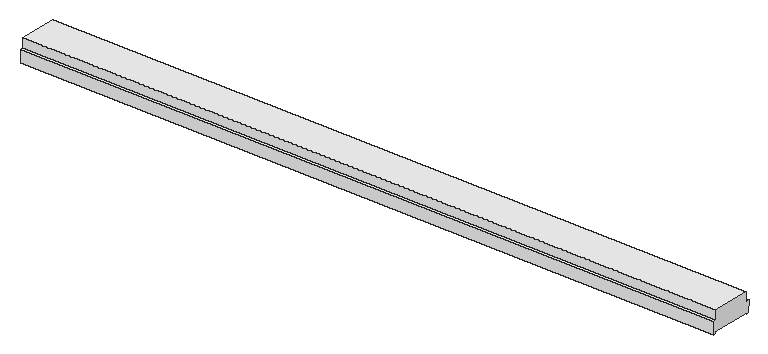
Revit family "Zumtobel RESCLITE PRO TRINOS", category Lighting Fixtures, Revit 2016
Family settings
  Part Type = Normal
  Round Connector Dimension = Use Diameter
  OmniClass Number = 23.80.70.11
  OmniClass Title = Luminaries for Internal Lighting
  Work Plane-Based = No
  Always vertical = Yes
  Cut with Voids When Loaded = No
  Light Source = Yes
  Shared = No
  Room Calculation Point = No
Parameters (values of type "RESCLITE PRO TRINOS SPOT")
  Width = 85 mm  # constant formula
  Wattage = 1.12426 W
  Voltage = 230  # constant formula
  URL = "http://www.zumtobel.com/42186071"
  built-in parameter 1150110 = 1 (stored number, unit not read)
  Type Comments = "© Zumtobel. We reserve the right to make technical changes without prior notice."  # constant formula
  Height = 62 mm  # constant formula
  Emit from Rectangle Width = Length  # 1000 mm
  Emit from Rectangle Length = Width  # 85 mm
  Emit Shape Visible in Rendering = no
  Body [instance] = Zumtobel_Metal_White
  Apparent Load = 4.7 VA
  Model = "42186071"
  built-in parameter 1114217 = 1 (stored number, unit not read)
  Tilt Angle = 90.00°
  built-in parameter 1150109 = 1 (stored number, unit not read)
  built-in parameter 1150134 = 12
  Suspension Height [instance] = 500 mm
  built-in parameter 1150113 = 1 (stored number, unit not read)
  Length = 1000 mm  # constant formula
  Lamp = "LED"  # constant formula
  Wattage Comments = ""
  Manufacturer = "Zumtobel Ligthing"  # constant formula
  Photometric Web File = "42186071_(STD_LEO).IES"
  built-in parameter 1150105 = 230.21 (stored number, unit not read)
  Lumens = 167 lm
  built-in parameter 1150115 = 1 (stored number, unit not read)
  built-in parameter 1150137 = (empty or 0)
  built-in parameter 1150139 = (empty or 0)
  built-in parameter 1150112 = 1 (stored number, unit not read)
  built-in parameter 1150114 = 1 (stored number, unit not read)
  built-in parameter 1150132 = 2
  Description = "Safety luminaire"  # constant formula
  Assembly Code = "D5020200"
  built-in parameter 1150102 = (empty or 0)
  built-in parameter 1150107 = 4000 (stored number, unit not read)
  built-in parameter 1150138 = (empty or 0)
  built-in parameter 1150106 = 2.3021 (stored number, unit not read)
  built-in parameter 1150104 = 13.8 (stored number, unit not read)
  Dimming Lamp Color Temperature Shift = <None>
  Color Filter = 16777215
  built-in parameter 1114218 = 1 (stored number, unit not read)
  built-in parameter 1150133 = 10 (stored number, unit not read)
Types (3, lengths in mm): name | Wattage | URL | Apparent Load | Model | Photometric Web File | built-in parameter 1150105 | Lumens | built-in parameter 1150106
  RESCLITE PRO TRINOS ANT E3D WH | 1.03001 W | "http://www.zumtobel.com/42186056" | 4.7 VA | "42186056" | "42186056_(STD_LEO).IES" | 12.175 (stored number, unit not read) | 153 lm | 0.12175 (stored number, unit not read)
  RESCLITE PRO TRINOS ESC HC | 1.8244 W | "http://www.zumtobel.com/42186066" | 7.1 VA | "42186066" | "42186066_(STD_LEO).IES" | 21.565 (stored number, unit not read) | 271 lm | 0.21565 (stored number, unit not read)
  RESCLITE PRO TRINOS SPOT | 1.12426 W | "http://www.zumtobel.com/42186071" | 4.7 VA | "42186071" | "42186071_(STD_LEO).IES" | 230.21 (stored number, unit not read) | 167 lm | 2.3021 (stored number, unit not read)
Reference planes
  plane 1 "Light Source Axis (F/B)": y = -218.644
  plane 2: z = 0
  plane 3 "Light Source Axis (L/R)": x = -74.924
  plane 4 "Light Source Elevation": z = -500
  plane 5 "Bottom": z = 0
  plane 6 "Left": x = -574.924
  plane 7 "Right": x = 425.076
  plane 8: z = -500
Forms (mm)
  Extrusion 1, solid, material "Zumtobel_Metal_White" <- "Body"
    sketch origin (-74.924, 0, 0) x (0, 1, 0) y (0, 0, 1)
      loop
        line (-192.394, -467.818) -> (-244.894, -467.818) -> (-244.894, -481.2) -> (-250.144, -481.2) -> (-250.144, -498) -> (-248.044, -498) -> (-246.994, -495.9) -> (-190.294, -495.9) -> (-189.244, -498) -> (-187.144, -498) -> (-187.144, -481.2) -> (-192.394, -481.2) -> (-192.394, -467.818)
    from -500 to 500
  Revolve 2, void
    sketch origin (660.573, -218.644, -490.276) x (1, 0, 0) y (0, 0, -1)
      loop
        line (-751.709, 5.624) -> (-749.5, 4.473) -> (-735.5, 4.473) -> (-735.5, 5.624) -> (-751.709, 5.624)
      axis (-735.5, 5.624) -> (-735.5, 4.473)
    angle from 0 to 360
  Revolve 3, solid, material "Zumtobel_Metal_White" <- "Body"
    sketch origin (660.573, -218.644, 64.341) x (1, 0, 0) y (0, 0, 1)
      loop
        line (-751.709, -560.241) -> (-760.5, -560.241) -> (-753.629, -561.241) -> (-751.709, -560.241)
      axis (-735.5, -561.241) -> (-735.5, -560.241)
    angle from 0 to 360
  Revolve 4, solid, material "Zumtobel_Lamp_Self_llumination_Transparent"
    sketch origin (-69.927, 516.856, -446.9) x (0, 1, 0) y (0, 0, -1)
      loop
        line (-742.709, 47.85) -> (-735.5, 47.85) -> (-735.5, 49.382)
        arc (-735.5, 49.382) -> (-739.207, 49.099) -> (-742.709, 47.85) r 13.984
      axis (-735.5, 49.382) -> (-735.5, 47.85)
    angle from 0 to 360
  Revolve 5, solid, material "Zumtobel_Lamp_Self_llumination_Transparent"
    sketch origin (-79.927, 516.856, -446.9) x (0, 1, 0) y (0, 0, 1)
      loop
        arc (-742.709, -47.85) -> (-739.207, -49.099) -> (-735.5, -49.382) r 13.984
        line (-735.5, -49.382) -> (-735.5, -47.85) -> (-742.709, -47.85)
      axis (-735.5, -49.382) -> (-735.5, -47.85)
    angle from 0 to 360
Cuts and joins
  Revolve 2 cuts Extrusion 1
  joined: Extrusion 1, Revolve 3
Dimensions and locks
  equal spacing: plane 7 "Right", plane 3 "Light Source Axis (L/R)", plane 6 "Left"
  "Length": plane 7 "Right" to plane 6 "Left"
  "Suspension Height": plane 5 "Bottom" to plane 8
  aligned: plane 3 "Light Source Axis (L/R)" to imposter light
  aligned: plane 1 "Light Source Axis (F/B)" to imposter light
  aligned and locked: plane 4 "Light Source Elevation" to imposter light
  aligned and locked: plane 5 "Bottom" to level
  aligned and locked: Extrusion 1 to plane 6 "Left"
  aligned and locked: plane 7 "Right" to Extrusion 1
  aligned and locked: plane 4 "Light Source Elevation" to plane 8
Automatic sketch dimensions
  Revolve 2 sketch curve to plane 4 "Light Source Elevation" = 4.1 mm
  plane 6 "Left" to Revolve 2 sketch curve = 483.787 mm
  Revolve 2 sketch curve to Revolve 2 sketch curve = 2.209 mm
  Revolve 2 sketch curve to Revolve 2 sketch curve = 14 mm
  Revolve 2 sketch curve to Revolve 2 sketch curve = 1.15 mm
  Revolve 2 sketch curve to Revolve 2 sketch curve = 0 mm
  Revolve 2 sketch curve to Revolve 2 sketch curve = 1.951 mm
  Revolve 2 sketch curve to Revolve 2 sketch curve = 4.559 mm
  plane 1 "Light Source Axis (F/B)" to Revolve 4 sketch curve = 7.209 mm
  Revolve 4 sketch curve to Revolve 4 sketch curve = 6.409 mm
  Revolve 4 sketch curve to Revolve 4 sketch curve = 7.209 mm
  Revolve 4 sketch curve to plane 4 "Light Source Elevation" = 17.68 mm
  Revolve 4 sketch curve to Revolve 4 sketch curve = 12.429 mm
  Revolve 4 sketch curve to Revolve 4 sketch curve = 0 mm
  Revolve 4 sketch curve to Revolve 4 sketch curve = 0.598 mm
  Revolve 4 sketch curve to Revolve 4 sketch curve = 1.13 mm
  plane 1 "Light Source Axis (F/B)" to Revolve 5 sketch curve = 7.209 mm
  Revolve 5 sketch curve to Revolve 5 sketch curve = 6.409 mm
  Revolve 5 sketch curve to Revolve 5 sketch curve = 7.209 mm
  Revolve 5 sketch curve to plane 4 "Light Source Elevation" = 3.718 mm
  Revolve 5 sketch curve to Revolve 5 sketch curve = 1.532 mm
  Revolve 5 sketch curve to Revolve 5 sketch curve = 0 mm
  Revolve 5 sketch curve to Revolve 5 sketch curve = 0.598 mm
  Revolve 5 sketch curve to Revolve 5 sketch curve = 1.13 mm
  Revolve 3 sketch curve to plane 4 "Light Source Elevation" = 4.1 mm
  plane 6 "Left" to Revolve 3 sketch curve = 474.997 mm
  Revolve 3 sketch curve to plane 4 "Light Source Elevation" = 3.1 mm
  Revolve 3 sketch curve to Revolve 3 sketch curve = 6.871 mm
  Revolve 3 sketch curve to Revolve 3 sketch curve = 1.92 mm
  Revolve 3 sketch curve to Revolve 3 sketch curve = 16.209 mm
  Revolve 3 sketch curve to Revolve 3 sketch curve = 5 mm
  Revolve 3 sketch curve to Revolve 3 sketch curve = 3.441 mm
  plane 1 "Light Source Axis (F/B)" to Extrusion 1 sketch curve = 31.5 mm
  Extrusion 1 sketch curve to Extrusion 1 sketch curve = 2.1 mm
  Extrusion 1 sketch curve to plane 4 "Light Source Elevation" = 4.1 mm
  Extrusion 1 sketch curve to Extrusion 1 sketch curve = 1.05 mm  (x2)
  Extrusion 1 sketch curve to Extrusion 1 sketch curve = 5.25 mm  (x2)
  Extrusion 1 sketch curve to plane 1 "Light Source Axis (F/B)" = 26.25 mm
  Extrusion 1 sketch curve to plane 4 "Light Source Elevation" = 2 mm  (x2)
  Extrusion 1 sketch curve to Extrusion 1 sketch curve = 3.15 mm
  Extrusion 1 sketch curve to Extrusion 1 sketch curve = 14.7 mm  (x2)
  Extrusion 1 sketch curve to Extrusion 1 sketch curve = 13.382 mm
